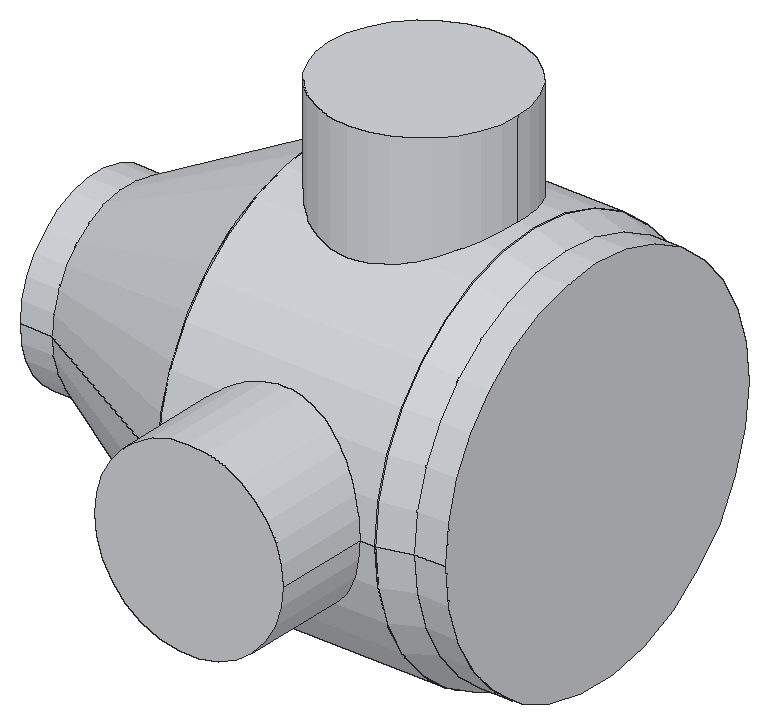
Revit family "M_Round Transition Lateral Cross - 90 Degree - DTL", category Duct Fittings, Revit 2014
Parameters (values of type "Standard")
  Length Out 1 [instance] = if(Length Out = 0 mm, 1 mm, Length Out)  # 300 mm
  Length In 1 [instance] = if(Length In = 0 mm, 1 mm, Length In)  # 50 mm
  Collar Out [instance] = 50 mm
  Collar In 1 [instance] = if(Collar In = 0 mm, 1 mm, Collar In)  # 50 mm
  Collar Out 1 [instance] = if(Collar Out = 0 mm, 1 mm, Collar Out)  # 50 mm
  Reference [instance] = (Collar Out 1 + Collar In 1 + Length In 1 + Length Out 1 + Length 14) * 2  # 1590 mm
  Tap 2 Radius [instance] = 150 mm
  Tap 1 Radius [instance] = 150 mm
  Radius In [instance] = 300 mm
  Radius Out [instance] = 150 mm
  Offset 4 [instance] = Body Radius + Tap 2 Offset From Center  # 315 mm
  Offset 3 [instance] = Body Radius + Tap 1 Offset From Center  # 315 mm
  Tap 2 Offset From Center [instance] = 0 mm
  Tap 1 Offset From Center [instance] = 0 mm
  Length 9 Horizontal [instance] = if(Tap 2 Angle 1 = 90.00°, Length In + Collar In 1 + abs(Tap 2 Radius / sin(Tap 2 Angle 1)) + Tap 2 Insert + Reference / 2, Length In + Collar In 1 + abs(Tap 2 Radius / sin(Tap 2 Angle 1)) + Tap 2 Insert + (Radius 1) / tan(Tap 2 Angle 1) + Reference / 2)  # 1070 mm
  Length 8 Horizontal [instance] = if(Tap 1 Angle 1 = 90.00°, Length In + Collar In 1 + abs(Tap 1 Radius / sin(Tap 1 Angle 1)) + Tap 1 Insert + Reference / 2, Length In + Collar In 1 + abs(Tap 1 Radius / sin(Tap 1 Angle 1)) + Tap 1 Insert + (Radius 1) / tan(Tap 1 Angle 1) + Reference / 2)  # 1070 mm
  Length 9 [instance] = if(Tap 2 Angle 1 = 90.00°, Tap 2 Length + Length 10, Length 10 + Tap 2 Length + abs(Tap 2 Radius / tan(Tap 2 Angle 1)))  # 465 mm
  Length 8 [instance] = if(Tap 1 Angle 1 = 90.00°, Tap 1 Length + Length 11, Length 11 + Tap 1 Length + abs(Tap 1 Radius / tan(Tap 1 Angle 1)))  # 465 mm
  Length 7 [instance] = Length In + Collar In 1  # 100 mm
  Length 6 [instance] = Length Out + Collar Out 1  # 350 mm
  Tap 1 Length [instance] = 150 mm
  Tap 2 Length [instance] = 150 mm
  Length In [instance] = 50 mm
  Length Out [instance] = 300 mm
  Length 14 [instance] = Body Length  # 345 mm
  Length 13 [instance] = if(Tap 2 Offset From Center = 0 mm, Body Radius - 0.298 mm, Offset 4)  # 314.702 mm
  Length 12 [instance] = if(Tap 1 Offset From Center = 0 mm, 0.298 mm + Body Radius, Offset 3)  # 315.298 mm
  Length 11 [instance] = Radius 1 / sin(Tap 1 Angle 1)  # 315 mm
  Length 10 [instance] = Radius 1 / sin(Tap 2 Angle 1)  # 315 mm
  Collar In [instance] = 50 mm
  Body Length [instance] = 345 mm
  Tap 2 Insert [instance] = 25 mm
  Tap 1 Insert [instance] = 25 mm
  Tap 2 Diameter [instance] = Tap 2 Radius * 2  # 300 mm
  Tap 1 Diameter [instance] = Tap 1 Radius * 2  # 300 mm
  Diameter In [instance] = Radius In * 2  # 600 mm
  Diameter Out [instance] = Radius Out * 2  # 300 mm
  Radius 1 [instance] = if(and(Body Radius < Radius Out, Radius Out > Radius In), Radius Out, if(and(Body Radius < Radius In, Radius In > Radius Out), Radius In, Body Radius))  # 315 mm
  Body Radius [instance] = 315 mm
  Body Diameter [instance] = Body Radius * 2  # 630 mm
  Assembly Code = ""
  Tap 2 Angle 1 [instance] = 90.00°
  Tap 1 Angle 1 [instance] = 90.00°
Reference planes
  plane 1 "Center (Front/Back)": y = 0
  plane 2: z = 0
  plane 3 "Center (Left/Right)": x = 0
  plane 4: x = -172.5
  plane 5: x = 172.5
  plane 6: x = -472.5
  plane 7: x = -522.5
  plane 8: x = 272.5
  plane 9: x = 222.5
  plane 10: x = -2.5
  plane 11: y = 315
  plane 12: y = -315
  plane 13: z = 0
  plane 14: z = -315
  plane 15: x = -2.5
  plane 16: z = 0.298
  plane 17: y = 0
  plane 18: y = -0.298
  plane 19: x = 1067.5
Forms (mm)
  SweptBlend 1, solid, detail levels medium+fine
    path in 3D
      loop
        line (-172.5, 0, 0) -> (-472.5, 0, 0)
    profile origin (-172.5, 0, 0) x (0, -1, 0) y (0, 0, 1)
      loop
        circle (0, 0) r 315
    end profile origin (-472.5, 0, 0) x (0, -1, 0) y (0, 0, 1)
      loop
        circle (0, 0) r 150
  SweptBlend 2, solid, detail levels medium+fine
    path in 3D
      loop
        line (172.5, 0, 0) -> (222.5, 0, 0)
    profile origin (172.5, 0, 0) x (0, 1, 0) y (0, 0, 1)
      loop
        circle (0, 0) r 315
    end profile origin (222.5, 0, 0) x (0, 1, 0) y (0, 0, 1)
      loop
        circle (0, 0) r 300
  Sweep 3, solid, detail levels medium+fine
    path in 3D
      loop
        line (-522.5, 0, 0) -> (-172.5, 0, 0)
    profile origin (-347.5, 0, 0) x (0, 1, 0) y (0, 0, 1)
      loop
        circle (0, 0) r 150
  Sweep 4, solid, detail levels medium+fine
    path in 3D
      loop
        line (172.5, 0, 0) -> (272.5, 0, 0)
    profile origin (222.5, 0, 0) x (0, 1, 0) y (0, 0, 1)
      loop
        circle (0, 0) r 300
  Sweep 5, solid, detail levels medium+fine
    path in 3D
      loop
        line (-172.5, 0, 0) -> (172.5, 0, 0)
    profile origin (0, 0, 0) x (0, 1, 0) y (0, 0, 1)
      loop
        circle (0, 0) r 315
  Sweep 6, solid, detail levels medium+fine
    path in 3D
      loop
        line (-2.5, 0, 0) -> (-2.5, -465, 0)
    profile origin (-2.5, -232.5, 0) x (1, 0, 0) y (0, 0, 1)
      loop
        circle (0, 0) r 150
  Sweep 7, solid, not visible
    path in 3D
      loop
        line (-2.5, 0, 0) -> (-2.5, -465, 0)
    profile origin (-2.5, -232.5, 0) x (1, 0, 0) y (0, 0, 1)
      loop
        line (0, 150) -> (0, 0) -> (150, 0)
        arc (150, 0) -> (106.066, 106.066) -> (0, 150) r 150
  Sweep 8, solid, detail levels medium+fine
    path in 3D
      loop
        line (-2.5, 0, 0) -> (-2.5, 0, 465)
    profile origin (-2.5, 0, 232.5) x (-1, 0, 0) y (0, -1, 0)
      loop
        circle (0, 0) r 150
  Sweep 9, solid, not visible
    path in 3D
      loop
        line (-2.5, 0, 0) -> (-2.5, 0, 465)
    profile origin (-2.5, 0, 232.5) x (-1, 0, 0) y (0, -1, 0)
      loop
        line (0, -150) -> (0, 0) -> (-150, 0)
        arc (-150, 0) -> (-106.066, -106.066) -> (0, -150) r 150
Cuts and joins
  joined: SweptBlend 1, Sweep 3
  joined: SweptBlend 2, Sweep 4
  joined: Sweep 5, Sweep 6, Sweep 8
Lines and regions (mm)
  model lines, detail levels coarse
    curve 1: line (-172.5, 0, 0) -> (172.5, 0, 0)
    curve 2: line (-172.5, 0, 0) -> (-472.5, 0, 0)
    curve 3: line (172.5, 0, 0) -> (222.5, 0, 0)
    curve 6: line (-522.5, 0, 0) -> (-172.5, 0, 0)
    curve 8: line (172.5, 0, 0) -> (272.5, 0, 0)
    curve 14: line (-2.5, 0, 0) -> (-2.5, -465, 0)
    curve 15: line (-2.5, 0, 0.298) -> (-2.5, 0, 0)
    curve 19: line (-2.5, 0, 465) -> (-2.5, 0, 0)
    curve 20: line (-2.5, -0.298, 0) -> (-2.5, 0, 0)
  sketch lines
    curve 4: line (-172.5, 0, 0) -> (-472.5, 0, 0)
    curve 5: line (172.5, 0, 0) -> (222.5, 0, 0)
    curve 7: line (-522.5, 0, 0) -> (-172.5, 0, 0)
    curve 9: line (172.5, 0, 0) -> (272.5, 0, 0)
    curve 10: line (-172.5, 0, 0) -> (172.5, 0, 0)
    curve 12: line (-2.5, 0, 0) -> (-2.5, -465, 0)
    curve 13: line (-2.5, 0, 0) -> (-2.5, -465, 0)
    curve 17: line (-2.5, 0, 0) -> (-2.5, 0, 465)
    curve 18: line (-2.5, 0, 0) -> (-2.5, 0, 465)
  reference lines
    curve 11: line (-2.5, 0, 0) -> (-2.5, -465, 0)
    curve 16: line (-2.5, 0, 0) -> (-2.5, 0, 465)
Dimensions and locks
  equal spacing: plane 4, plane 3 "Center (Left/Right)", plane 5
  "Length 14": plane 4 to plane 5
  "Length Out 1": plane 6 to plane 4
  "Length In 1": plane 5 to plane 9
  "Body Radius": plane 11 to plane 1 "Center (Front/Back)"
  "Body Radius": plane 12 to plane 1 "Center (Front/Back)"
  "Body Radius": plane 2 to plane 14
  "Offset 3": plane 13 to plane 14
  "Length 8": curve 11 to curve 11
  "Length 12": plane 16 to plane 14
  "Offset 4": plane 17 to plane 12
  "Length 13": plane 18 to plane 12
  "Length 9": curve 16 to curve 16
  "Reference": plane 7 to plane 19
  "Length 8 Horizontal": plane 15 to plane 19
  "Length 9 Horizontal": plane 10 to plane 19
  "Collar In 1": plane 9 to plane 8
  "Collar Out 1": plane 7 to plane 6
  "Radius 1": radius of SweptBlend 1 sketch curve
  "Radius Out": radius of SweptBlend 1 sketch curve
  "Radius 1": radius of SweptBlend 2 sketch curve
  "Radius In": radius of SweptBlend 2 sketch curve
  "Radius Out": radius of Sweep 3 sketch curve
  "Radius In": radius of Sweep 4 sketch curve
  "Radius 1": radius of Sweep 5 sketch curve
  "Tap 1 Radius": radius of Sweep 6 sketch curve
  "Tap 1 Radius": radius of Sweep 7 sketch curve
  "Tap 2 Radius": radius of Sweep 8 sketch curve
  "Tap 2 Radius": radius of Sweep 9 sketch curve
  "Tap 1 Angle 1": angle curve 11 to plane 1 "Center (Front/Back)"
  "Tap 2 Angle 1": angle plane 2 to curve 16
  aligned and locked: plane 1 "Center (Front/Back)" to curve 1
  aligned and locked: plane 5 to curve 1
  aligned and locked: plane 6 to curve 2
  aligned and locked: plane 9 to curve 3
  aligned and locked: plane 2 to SweptBlend 1 sketch curve  (x2)
  aligned and locked: plane 1 "Center (Front/Back)" to SweptBlend 1 sketch curve  (x2)
  aligned and locked: plane 1 "Center (Front/Back)" to SweptBlend 2 sketch curve  (x2)
  aligned and locked: plane 2 to SweptBlend 2 sketch curve  (x2)
  aligned and locked: plane 1 "Center (Front/Back)" to curve 6
  aligned and locked: plane 4 to curve 6
  aligned and locked: plane 7 to curve 6
  aligned and locked: plane 1 "Center (Front/Back)" to Sweep 3 sketch curve
  aligned and locked: plane 2 to Sweep 3 sketch curve
  aligned and locked: plane 8 to curve 8
  aligned and locked: plane 1 "Center (Front/Back)" to Sweep 4 sketch curve
  aligned and locked: plane 2 to Sweep 4 sketch curve
  aligned and locked: plane 2 to Sweep 5 sketch curve
  aligned and locked: plane 1 "Center (Front/Back)" to Sweep 5 sketch curve
  aligned and locked: plane 1 "Center (Front/Back)" to curve 11
  aligned and locked: plane 15 to curve 11
  aligned and locked: plane 13 to Sweep 6 sketch curve
  aligned and locked: plane 13 to Sweep 7 sketch curve
  aligned and locked: plane 16 to curve 15
  aligned and locked: plane 2 to curve 16
  aligned and locked: plane 10 to curve 16
  aligned and locked: plane 17 to Sweep 9 sketch curve
  aligned and locked: plane 18 to curve 20
  aligned and locked: plane 17 to Sweep 8 sketch curve
Automatic sketch dimensions
  Sweep 6 sketch curve to profile plane = 0 mm
  Sweep 7 sketch curve to profile plane = 0 mm
  Sweep 7 sketch curve to Sweep 7 sketch curve = 0 mm
  curve 14 to Sweep 7 = 0 mm  (x3)
  curve 15 to level = 0 mm
  curve 15 to plane 1 "Center (Front/Back)" = 0 mm
  plane 13 to curve 15 = 0.298 mm
  Sweep 8 sketch curve to profile plane = 0 mm
  Sweep 9 sketch curve to profile plane = 0 mm
  curve 19 to Sweep 9 = 0 mm  (x3)
  curve 20 to plane 10 = 0 mm
Connectors
  hvac at (-522.5, 0, 0), driven by "Radius Out"
    settings: on cut or joined group of SweptBlend 1, Sweep 3, index 1, duct flow 0.0 L/s, flow factor 0, pres drop 0.0 Pa, loss coef 0, conn angle 0.00°, conn width 304.8 mm, conn height 304.8 mm, conn diameter 300 mm, duct sys type 28, conn prof type 0, flow config 0, flow direction 0, loss method 0, conn ref index 2, conn util no, is conn primary yes, conn desc ""
  hvac at (272.5, 0, 0), driven by "Radius In"
    settings: on cut or joined group of SweptBlend 2, Sweep 4, index 2, duct flow 0.0 L/s, flow factor 0, pres drop 0.0 Pa, loss coef 0, conn angle 0.00°, conn width 304.8 mm, conn height 304.8 mm, conn diameter 600 mm, duct sys type 28, conn prof type 0, flow config 0, flow direction 0, loss method 0, conn ref index 1, conn util no, is conn primary no, conn desc ""
  hvac at (-2.5, -465, 0), driven by "Tap 1 Radius", driven by "Tap 1 Angle 1"
    settings: on cut or joined group of Sweep 5, Sweep 6, Sweep 8, index 3, duct flow 0.0 L/s, flow factor 0, pres drop 0.0 Pa, loss coef 0, conn angle 90.00°, conn width 304.8 mm, conn height 304.8 mm, conn diameter 300 mm, duct sys type 28, conn prof type 0, flow config 0, flow direction 0, loss method 0, conn ref index -1, conn util no, is conn primary no, conn desc ""
  hvac at (-2.5, 0, 465), driven by "Tap 2 Angle 1", driven by "Tap 2 Radius"
    settings: on cut or joined group of Sweep 5, Sweep 6, Sweep 8, index 4, duct flow 0.0 L/s, flow factor 0, pres drop 0.0 Pa, loss coef 0, conn angle 90.00°, conn width 304.8 mm, conn height 304.8 mm, conn diameter 300 mm, duct sys type 28, conn prof type 0, flow config 0, flow direction 0, loss method 0, conn ref index -1, conn util no, is conn primary no, conn desc ""
